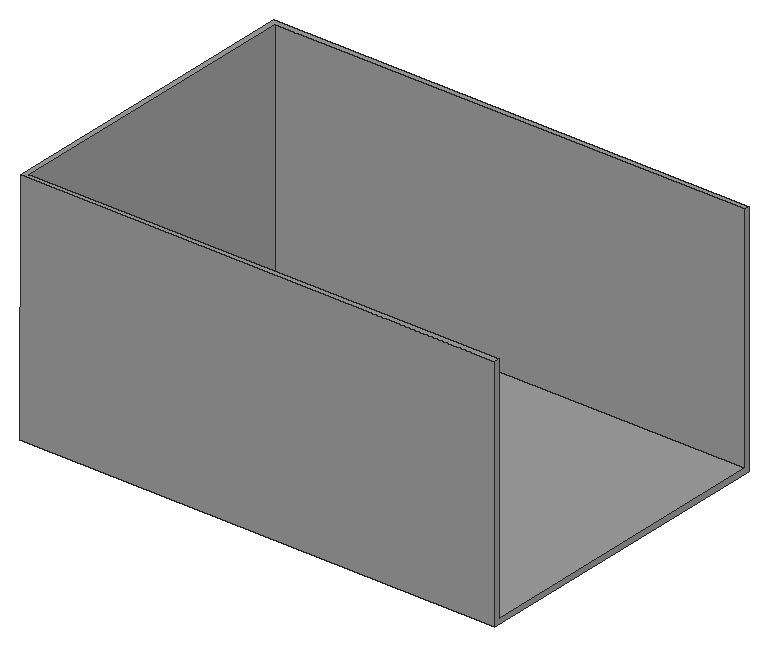
Revit family "d83de545-6fff-4759-b252-9e472dcd05ba", category Generic Models, Revit 2012
Parameters (values of type "4 inch")
  Unit Width = 0' - 4"
  Unit Height = 0' - 3"
  Unit Depth = 0' - 6"
  URL = "http://www.hyload.com/"
  Thickness = 0' - 0 1/16"
  Specification = "http://www.arcat.com/sdspecs/htm04/07_65_00hyl.htm"
  Sales Information = "http://www.hyload.com/contact-us"
  Revision = "R1_12-2015"
  Product Properties = "http://www.hyload.com/masonry-flashing/preformed-shapes/"
  Product Data = "http://www.arcat.com/arcatcos/cos33/arc33176.html"
  Model = "4 in Stop End"
  Manufacturer Website = "http://www.hyload.com/"
  Manufacturer Phone - Toll Free = "800-457-4056"
  Manufacturer Phone = "330-769-3546"
  Manufacturer Fax = "330-769-4153"
  Manufacturer Address = "5020 Panther Pkwy., Seville, OH 44273"
  Manufacturer = "Hyload"
  Keynote = "07 65 00"
  Flashing Material = Hyload Flashing Membrane - Grey
  Drawn By = "Robert S. Weygant / Sumex Design"
  Description = "Preformed Hyload Masonry Flashing - 4 in Stop End"
  Copyright = "(c) ARCAT, Inc, 2015"
  Construction Details = "http://www.arcat.com/details/hyload/hyload.html?coid=33176"
  Assembly Code = "B3010400"
Types (3): name | Unit Width | Model | Description
  4 inch | 0' - 4" | "4 in Stop End" | "Preformed Hyload Masonry Flashing - 4 in Stop End"
  6 inch | 0' - 6" | "6 in Stop End" | "Preformed Hyload Masonry Flashing - 6 in Stop End"
  8 inch | 0' - 8" | "8 in Stop End" | "Preformed Hyload Masonry Flashing - 8 in Stop End"
Reference planes (in)
  plane 1 "Center (Front/Back)": y = 0
  plane 2: z = 0
  plane 3 "Center (Left/Right)": x = 0
  plane 4: y = 4
  plane 5: x = 6
  plane 6: z = 3
Forms (in)
  Extrusion 1, solid, material "Hyload Flashing Membrane - Grey" <- "Flashing Material"
    sketch origin (0, 0, 0) x (1, 0, 0) y (0, 1, 0)
      loop
        line (0, 4) -> (0, 0) -> (6, 0) -> (6, 4) -> (0, 4)
    from 0 to 0.0625 <- "Thickness"
  Extrusion 2, solid, material "Hyload Flashing Membrane - Grey" <- "Flashing Material"
    sketch origin (0, 0, 0) x (1, 0, 0) y (0, 1, 0)
      loop
        line (0, 4) -> (0, 0) -> (6, 0) -> (6, 0.0625) -> (0.0625, 0.0625) -> (0.0625, 3.9375) -> (6, 3.9375) -> (6, 4) -> (0, 4)
    from 0 to 3 <- "Unit Height"
Cuts and joins
  joined: Extrusion 1, Extrusion 2
Dimensions and locks (in)
  "Unit Width": plane 1 "Center (Front/Back)" to plane 4
  "Unit Depth": plane 3 "Center (Left/Right)" to plane 5
  "Unit Height": plane 6 to level
  "Thickness": plane 1 "Center (Front/Back)" to Extrusion 2 sketch curve
  "Thickness": plane 3 "Center (Left/Right)" to Extrusion 2 sketch curve
  plane 3 "Center (Left/Right)" to Extrusion 2 = 0' - 6"
  "Thickness": plane 4 to Extrusion 2 sketch curve
  aligned and locked: plane 2 to level
  aligned and locked: Extrusion 1 sketch curve to plane 4
  aligned and locked: plane 3 "Center (Left/Right)" to Extrusion 1 sketch curve
  aligned and locked: Extrusion 1 sketch curve to plane 1 "Center (Front/Back)"
  aligned and locked: Extrusion 1 sketch curve to plane 5
  aligned and locked: plane 4 to Extrusion 2 sketch curve
  aligned and locked: Extrusion 2 sketch curve to plane 3 "Center (Left/Right)"
  aligned and locked: plane 1 "Center (Front/Back)" to Extrusion 2 sketch curve
  aligned and locked: plane 5 to Extrusion 2 sketch curve  (x2)
  aligned and locked: Extrusion 2 to level
